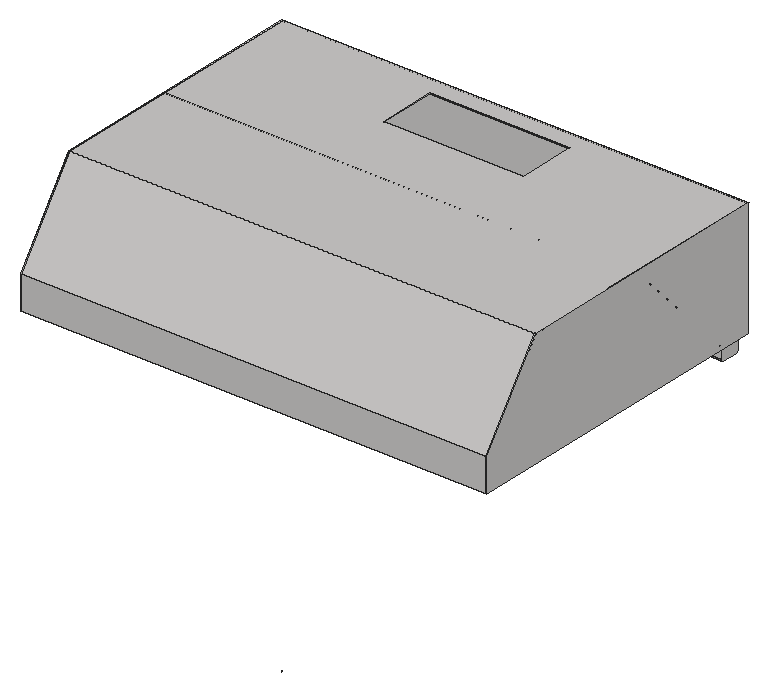
Revit family "QF_ELECTROLUXPROFESSIONAL_642159_BP1420BT", category Specialty Equipment, Revit 2014
Reference planes
  plane 1: z = 0
  plane 2 "Center (Left/Right)": x = 150
  plane 3 "LEFT": x = -850
  plane 4 "RIGHT": x = 1150
  plane 5 "BACK": y = 550
  plane 6 "TOP": z = 2500
  plane 7 "Base": z = 2000
  plane 8: z = 1926
  plane 9 "DrainY": y = 485
  plane 10: x = -847
  plane 11: through (0, 414.509, 2000.8) normal (0, 0.7314, 0.682)
  plane 12: y = 470
  plane 13: y = 220
  plane 14 "DrainX": x = 1032
  plane 15: x = 450
  plane 16: x = -150
  plane 17: x = 1147
  plane 18: x = 942
  plane 19: x = 1122
  plane 20: x = -810
  plane 21: x = -410
  plane 22: x = -10
  plane 23: x = 1110
  plane 24: x = 710
  plane 25: x = 310
  plane 26: z = 2140
  plane 27: y = -590
  plane 28 "Center (Front/Back)": y = -150
  plane 29 "Front": y = -850
Forms (mm)
  Extrusion 1, solid, material "QF_Finishes_Stainless Steel"
    sketch origin (-850, 0, 360) x (0, 1, 0) y (0, 0, 1)
      loop
        line (550, 1640) -> (550, 2140) -> (-590, 2140) -> (-850, 1780) -> (-850, 1640) -> (550, 1640)
    from 0 to 3
  Extrusion 2, solid, material "QF_Finishes_Stainless Steel"
    sketch origin (150, 0, 360) x (0, 1, 0) y (0, 0, 1)
      loop
        line (415.255, 1640) -> (550, 1640) -> (550, 2139.19) -> (549.2, 2139.19) -> (549.2, 1640.8) -> (415.876, 1640.8) -> (339.347, 1722.867) -> (349.609, 1732.436) -> (348.927, 1733.167) -> (337.934, 1722.917) -> (415.255, 1640)
      loop
        line (-82.203, 2139.19) -> (-82.203, 2118.6) -> (-31.047, 2118.6) -> (34.354, 2048.466) -> (46.028, 2059.352) -> (45.346, 2060.083) -> (34.403, 2049.879) -> (-30.612, 2119.6) -> (-81.203, 2119.6) -> (-81.203, 2139.19) -> (-82.203, 2139.19)
    from -997 to 997
  Extrusion 3, solid, material "QF_Finishes_Stainless Steel"
    sketch origin (1150, 0, 360) x (0, 1, 0) y (0, 0, 1)
      loop
        line (550, 1640) -> (550, 2140) -> (-590, 2140) -> (-850, 1780) -> (-850, 1640) -> (550, 1640)
    from 0 to -3
  Extrusion 4, solid, material "QF_Finishes_Stainless Steel"
    sketch origin (150, 0, 360) x (0, 1, 0) y (0, 0, 1)
      loop
        line (550, 2139.19) -> (550, 2140) -> (-590, 2140) -> (-850, 1780) -> (-850, 1640) -> (-849.2, 1640) -> (-849.2, 1779.741) -> (-589.598, 2139.19) -> (550, 2139.19)
    from -1000 to 1000
  Extrusion 5, solid, material "QF_Finishes_Stainless Steel"
    sketch origin (150, 0, 360) x (0, 1, 0) y (0, 0, 1)
      loop
        line (534, 1640) -> (436, 1640) -> (436, 1627) -> (443.5, 1627) -> (443.5, 1576)
        arc (443.5, 1576) -> (446.429, 1568.929) -> (453.5, 1566) r 10
        line (453.5, 1566) -> (516.5, 1566)
        arc (516.5, 1566) -> (523.571, 1568.929) -> (526.5, 1576) r 10
        line (526.5, 1576) -> (526.5, 1627) -> (534, 1627) -> (534, 1640)
    from 792 to 972
  Extrusion 6, solid, material "QF_Finishes_Stainless Steel"
    sketch origin (0, 0, 2000) x (0, 1, 0) y (-1, 0, 0)
      loop
        circle (485, -1032) r 20
    from -76 to -74
  Extrusion 7, solid, material "QF_Finished_Chrome"
    sketch origin (150, 0, 360) x (0, 1, 0) y (0, 0, 1)
      loop
        line (337.934, 1722.917) -> (341.591, 1726.327) -> (38.011, 2051.876) -> (34.354, 2048.466) -> (337.934, 1722.917)
    from 160 to -160
  Extrusion 8, solid, material "QF_Finishes_Stainless Steel"
    sketch origin (150, 0, 360) x (0, 1, 0) y (0, 0, 1)
      loop
        line (337.934, 1722.917) -> (341.591, 1726.327) -> (38.011, 2051.876) -> (34.354, 2048.466) -> (337.934, 1722.917)
    from 997 to 960
  Extrusion 9, solid, material "QF_Finishes_Stainless Steel"
    sketch origin (150, 0, 360) x (0, 1, 0) y (0, 0, 1)
      loop
        line (341.588, 1726.324) -> (38.009, 2051.874) -> (34.354, 2048.466) -> (337.934, 1722.917) -> (341.588, 1726.324)
    from -560 to -160
  Extrusion 10, void
    sketch origin (700, 0, 2500) x (0, 1, 0) y (-1, 0, 0)
      loop
        line (470, 850) -> (220, 850) -> (220, 250) -> (470, 250) -> (470, 850)
    from 0 to -10
  Extrusion 11, solid, material "QF_Finishes_Stainless Steel"
    sketch origin (0, 0, 0) x (1, 0, 0) y (0, 1, 0)
      loop
        line (-850, 550) -> (-850, 549) -> (-849, 549) -> (-849, 550) -> (-850, 550)
    from 0 to 1
  Extrusion 12, solid, material "QF_Finishes_Stainless Steel"
    sketch origin (150, 0, 360) x (0, 1, 0) y (0, 0, 1)
      loop
        line (337.934, 1722.917) -> (341.591, 1726.327) -> (38.011, 2051.876) -> (34.354, 2048.466) -> (337.934, 1722.917)
    from -960 to -997
  Extrusion 13, solid, material "QF_Finishes_Stainless Steel"
    sketch origin (150, 0, 360) x (0, 1, 0) y (0, 0, -1)
      loop
        line (341.588, -1726.324) -> (337.934, -1722.917) -> (34.354, -2048.466) -> (38.009, -2051.874) -> (341.588, -1726.324)
    from -560 to -160
  Extrusion 14, solid, material "QF_Finished_Chrome"
    sketch origin (150, 0, 360) x (0, 1, 0) y (0, 0, 1)
      loop
        line (337.934, 1722.917) -> (341.591, 1726.327) -> (38.011, 2051.876) -> (34.354, 2048.466) -> (337.934, 1722.917)
    from -560 to -960
  Extrusion 15, solid, material "QF_Finished_Chrome"
    sketch origin (150, 0, 360) x (0, 1, 0) y (0, 0, 1)
      loop
        line (337.934, 1722.917) -> (341.591, 1726.327) -> (38.011, 2051.876) -> (34.354, 2048.466) -> (337.934, 1722.917)
    from 960 to 560
Cuts and joins
  Extrusion 10 cuts Extrusion 4
  joined: Extrusion 2, Extrusion 4
Lines and regions (mm)
  symbolic lines, style "SpecialityEquipment", detail levels coarse
    curve 1: line (1150, 550, 2500) -> (-850, 550, 2500)
    curve 2: line (-850, 550, 2500) -> (-850, -850, 2500)
    curve 3: line (1150, -850, 2500) -> (1150, 550, 2500)
    curve 4: line (-150, 220, 2500) -> (450, 220, 2500)
    curve 5: line (-150, 470, 2500) -> (-150, 220, 2500)
    curve 6: line (450, 470, 2500) -> (-150, 470, 2500)
    curve 7: line (450, 220, 2500) -> (450, 470, 2500)
    curve 8: line (-850, -590, 0) -> (1150, -590, 0)
    curve 9: line (-850, 550, 0) -> (1150, -590, 0)
    curve 10: line (1150, 550, 0) -> (-850, -590, 0)
    curve 11: line (-850, -850, 2500) -> (1150, -850, 2500)
Dimensions and locks
  plane 3 "LEFT" to plane 4 "RIGHT" = 2000 mm
  equal spacing: plane 3 "LEFT", plane 2 "Center (Left/Right)", plane 4 "RIGHT"
  locked: plane 6 "TOP" to plane 7 "Base" at 500
  plane 7 "Base" to plane 8 = 74 mm
  plane 5 "BACK" to plane 9 "DrainY" = 65 mm  (x2)
  plane 3 "LEFT" to plane 10 = 3 mm
  plane 5 "BACK" to plane 12 = 80 mm
  plane 12 to plane 13 = 250 mm  (x2)
  plane 14 "DrainX" to plane 4 "RIGHT" = 118 mm
  plane 17 to plane 4 "RIGHT" = 3 mm
  locked: plane 18 to plane 14 "DrainX" at 90
  locked: plane 14 "DrainX" to plane 19 at 90
  plane 12 to plane 5 "BACK" = 80 mm
  plane 26 to plane 7 "Base" = 140 mm
  locked: plane 7 "Base" to level at 2000
  plane 5 "BACK" to plane 29 "Front" = 1400 mm  (x2)
  equal spacing: plane 5 "BACK", plane 28 "Center (Front/Back)", plane 29 "Front"
  locked: plane 16 to plane 15 at 600
  equal spacing: plane 22, plane 2 "Center (Left/Right)", plane 25
  equal spacing: plane 16, plane 2 "Center (Left/Right)", plane 15
  locked: plane 22 to plane 25 at 320
  locked: plane 3 "LEFT" to plane 20 at 40
  locked: plane 23 to plane 4 "RIGHT" at 40
  plane 21 to plane 22 = 400 mm
  plane 25 to plane 24 = 400 mm
  plane 20 to plane 21 = 400 mm
  plane 24 to plane 23 = 400 mm
  aligned and locked: level to plane 1
  aligned and locked: Extrusion 2 to Extrusion 1
  aligned and locked: Extrusion 2 to Extrusion 3
  aligned and locked: plane 4 "RIGHT" to Extrusion 4
  aligned and locked: Extrusion 4 to plane 3 "LEFT"
  aligned and locked: plane 17 to Extrusion 8
  aligned and locked: plane 16 to Extrusion 10
  aligned and locked: Extrusion 10 to plane 15
  aligned and locked: Extrusion 10 to plane 13
  aligned and locked: Extrusion 10 to plane 12
  aligned and locked: plane 19 to Extrusion 5
  aligned and locked: Extrusion 5 to plane 18
  aligned and locked: Extrusion 8 to plane 23
  aligned and locked: Extrusion 7 to plane 25
  aligned and locked: Extrusion 7 to plane 22
  aligned and locked: plane 22 to Extrusion 9
  aligned and locked: Extrusion 9 to plane 21
  aligned and locked: Extrusion 12 to plane 10
  aligned and locked: plane 20 to Extrusion 12
  aligned and locked: Extrusion 13 to plane 25
  aligned and locked: Extrusion 13 to plane 24
  aligned and locked: Extrusion 3 to plane 17
  aligned and locked: plane 21 to Extrusion 14
  aligned and locked: Extrusion 14 to plane 20
  aligned and locked: Extrusion 15 to plane 23
  aligned and locked: Extrusion 15 to plane 24
Automatic sketch dimensions
  curve 10 to plane 3 "LEFT" = 0 mm
  curve 9 to plane 3 "LEFT" = 0 mm
  curve 10 to plane 4 "RIGHT" = 0 mm
  curve 9 to plane 4 "RIGHT" = 0 mm
  plane 27 to curve 8 = 0 mm
  curve 10 to plane 5 "BACK" = 0 mm
  curve 9 to plane 5 "BACK" = 0 mm
  curve 11 to plane 3 "LEFT" = 0 mm
  curve 11 to plane 29 "Front" = 0 mm
  curve 4 to plane 13 = 0 mm
  plane 12 to curve 5 = 0 mm
  curve 2 to plane 5 "BACK" = 0 mm
  curve 1 to plane 4 "RIGHT" = 0 mm
  curve 7 to plane 15 = 0 mm
  curve 4 to plane 16 = 0 mm
  Extrusion 1 sketch curve to plane 7 "Base" = 0 mm
  Extrusion 1 sketch curve to plane 29 "Front" = 0 mm
  Extrusion 1 sketch curve to plane 6 "TOP" = 0 mm
  Extrusion 1 sketch curve to plane 27 = 0 mm
  Extrusion 1 sketch curve to plane 5 "BACK" = 0 mm
  Extrusion 1 sketch curve to plane 26 = 0 mm
  Extrusion 2 sketch curve to plane 11 = 0 mm  (x3)
  Extrusion 2 sketch curve to plane 7 "Base" = 0 mm
  plane 11 to Extrusion 2 sketch curve = 0 mm
  Extrusion 2 sketch curve to plane 5 "BACK" = 0 mm
  Extrusion 2 sketch curve to plane 26 = 47.564 mm
  Extrusion 2 sketch curve to Extrusion 2 sketch curve = 65.646 mm
  Extrusion 2 sketch curve to plane 26 = 46.833 mm
  Extrusion 2 sketch curve to plane 26 = 57.133 mm
  Extrusion 2 sketch curve to plane 6 "TOP" = 80.648 mm
  Extrusion 2 sketch curve to plane 13 = 173.972 mm
  Extrusion 2 sketch curve to plane 6 "TOP" = 79.917 mm
  Extrusion 2 sketch curve to plane 6 "TOP" = 90.121 mm
  Extrusion 2 sketch curve to plane 6 "TOP" = 20.4 mm
  Extrusion 2 sketch curve to plane 6 "TOP" = 21.4 mm
  Extrusion 2 sketch curve to plane 6 "TOP" = 0.81 mm  (x2)
  Extrusion 2 sketch curve to Extrusion 2 sketch curve = 50.156 mm
  Extrusion 2 sketch curve to Extrusion 2 sketch curve = 1 mm
  plane 7 "Base" to Extrusion 2 sketch curve = 0.8 mm
  Extrusion 2 sketch curve to plane 5 "BACK" = 0.8 mm
  Extrusion 3 sketch curve to plane 7 "Base" = 0 mm
  Extrusion 3 sketch curve to plane 29 "Front" = 0 mm
  Extrusion 3 sketch curve to plane 6 "TOP" = 0 mm
  Extrusion 3 sketch curve to plane 27 = 0 mm
  Extrusion 3 sketch curve to plane 5 "BACK" = 0 mm
  Extrusion 3 sketch curve to plane 26 = 0 mm
  Extrusion 4 sketch curve to plane 7 "Base" = 0 mm
  Extrusion 4 sketch curve to plane 29 "Front" = 0 mm
  Extrusion 4 sketch curve to plane 6 "TOP" = 0 mm
  Extrusion 4 sketch curve to plane 27 = 0 mm
  Extrusion 4 sketch curve to plane 5 "BACK" = 0 mm
  Extrusion 4 sketch curve to plane 26 = 0 mm
  Extrusion 4 sketch curve to plane 26 = 0.259 mm
  plane 29 "Front" to Extrusion 4 sketch curve = 0.8 mm
  Extrusion 4 sketch curve to plane 27 = 0.402 mm
  Extrusion 4 sketch curve to Extrusion 4 sketch curve = 0.81 mm
  Extrusion 5 sketch curve to plane 7 "Base" = 0 mm
  Extrusion 5 sketch curve to plane 8 = 0 mm
  Extrusion 5 sketch curve to plane 7 "Base" = 13 mm  (x2)
  plane 12 to Extrusion 5 sketch curve = 34 mm
  Extrusion 5 sketch curve to Extrusion 5 sketch curve = 7.5 mm  (x2)
  Extrusion 5 sketch curve to Extrusion 5 sketch curve = 10 mm
  plane 9 "DrainY" to Extrusion 5 sketch curve = 31.5 mm
  Extrusion 5 sketch curve to plane 5 "BACK" = 23.5 mm
  Extrusion 6 sketch curve to plane 9 "DrainY" = 0 mm
  Extrusion 6 sketch curve to plane 14 "DrainX" = 0 mm
  Extrusion 7 sketch curve to plane 11 = 0 mm  (x2)
  Extrusion 7 sketch curve to plane 6 "TOP" = 91.534 mm
  Extrusion 7 sketch curve to plane 6 "TOP" = 88.124 mm
  Extrusion 7 sketch curve to plane 26 = 57.083 mm
  Extrusion 8 sketch curve to plane 11 = 0 mm  (x2)
  Extrusion 8 sketch curve to plane 6 "TOP" = 91.534 mm
  Extrusion 8 sketch curve to plane 6 "TOP" = 88.124 mm
  Extrusion 8 sketch curve to plane 26 = 57.083 mm
  Extrusion 9 sketch curve to plane 11 = 0 mm  (x2)
  Extrusion 9 sketch curve to plane 6 "TOP" = 91.534 mm
  Extrusion 9 sketch curve to plane 6 "TOP" = 88.126 mm
  Extrusion 9 sketch curve to plane 26 = 57.083 mm
  Extrusion 10 sketch curve to plane 13 = 0 mm
  plane 12 to Extrusion 10 sketch curve = 0 mm
  Extrusion 10 sketch curve to plane 15 = 0 mm
  Extrusion 10 sketch curve to plane 16 = 0 mm
  Extrusion 11 sketch curve to plane 3 "LEFT" = 0 mm
  Extrusion 11 sketch curve to plane 5 "BACK" = 0 mm
  plane 3 "LEFT" to Extrusion 11 sketch curve = 1 mm
  Extrusion 11 sketch curve to Extrusion 11 sketch curve = 1 mm
  Extrusion 12 sketch curve to plane 11 = 0 mm  (x2)
  Extrusion 12 sketch curve to plane 6 "TOP" = 91.534 mm
  Extrusion 12 sketch curve to plane 6 "TOP" = 88.124 mm
  Extrusion 12 sketch curve to plane 26 = 57.083 mm
  Extrusion 13 sketch curve to plane 11 = 0 mm  (x2)
  Extrusion 13 sketch curve to plane 6 "TOP" = 91.534 mm
  Extrusion 13 sketch curve to plane 6 "TOP" = 88.126 mm
  Extrusion 13 sketch curve to plane 26 = 57.083 mm
  Extrusion 14 sketch curve to plane 11 = 0 mm  (x2)
  Extrusion 14 sketch curve to plane 6 "TOP" = 91.534 mm
  Extrusion 14 sketch curve to plane 6 "TOP" = 88.124 mm
  Extrusion 14 sketch curve to plane 26 = 57.083 mm
  Extrusion 15 sketch curve to plane 11 = 0 mm  (x2)
  Extrusion 15 sketch curve to plane 6 "TOP" = 91.534 mm
  Extrusion 15 sketch curve to plane 6 "TOP" = 88.124 mm
  Extrusion 15 sketch curve to plane 26 = 57.083 mm
  radius of Extrusion 6 sketch curve = 20 mm
Connectors
  piping at (1032, 485, 1924), diameter 20
    settings: on Extrusion 6, index 1, connector inside diameter 609.6 mm, connector length 0 mm, flow factor 0, pipe flow 0.0 L/s, pressure drop 0.0 Pa, fitting loss kfactor 0, connector angle 0.00°, fixture units 0, engagement length 0 mm, angle of deflection 0.00°, flow configuration 1, flow direction 2, fitting loss method 0, system type 16, joint type 0, gender type 0, connector reference index -1, connector utility 0, adjustable connector no, is connector primary yes, connector description "Drain"
  hvac at (150, 345, 2500)
    settings: on Extrusion 10, index 2, duct flow 0.0 L/s, flow factor 0, pres drop 0.0 Pa, loss coef 0, conn angle 0.00°, conn width 250 mm, conn height 600 mm, conn diameter 609.6 mm, duct sys type 3, conn prof type 1, flow config 1, flow direction 0, loss method 0, conn ref index -1, conn util no, is conn primary yes, conn desc "EXHAUST OUTLET"
